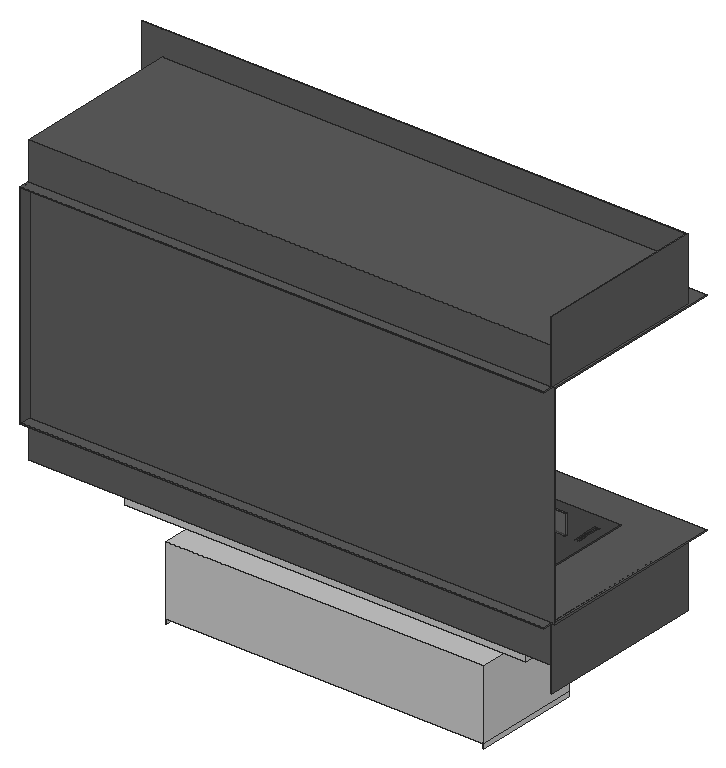
Revit family "1PLANIKA_FLA3_XL_CASING_FORMA_LEFT-CORNER", category Attrezzatura meccanica, host Muro, Revit 2017
Family settings
  Host = Muro
  Quota connettore circolare = Usa diametro
  Tipo di parte = Normale
  Sempre verticale = Sì
  Taglio con vuoti quando caricato = No
  Condiviso = No
  Punto di calcolo locali = Sì
Parameters (values of type "FLA3_XL_FORMA_1200_LEFT-CORNER")
  URL = "https://www.planikafires.com"
  TECHNICAL SHEET = "https://www.planikausa.com/indoor-ethanol-fireplaces/two-sided/"
  PRODUCT SHEET = "https://www.archiproducts.com/en/products/planika/bioethanol-fireplace-insert-fla-3-xl-in-casing-forma_431074"
  POWER SUPPLY = 230 V
  NET WEIGHT = 80.70 kg
  Modello = "FLA3 XL in FORMA LEFT-CORNER"
  Produttore = "PLANIKA"
  MINIMUM ROOM CUBATURE = 81 m³
  MAXIMUM HEAT OUTPUT = 8.1 kWh
  MAXIMUM BURN TIME = "10 hours"
  MATERIAL DESCRIPTION = "Steel, galvanized steel, toughened glass."
  LENGTH = 1320 mm
  HEIGHT = 710 mm
  FUEL TYPE = "Bioethanol 86 - 96,6%"
  FUEL TANK CAPACITY = 17.2 L
  FORMA LENGTH = 1260 mm
  FLAME HEIGHT REGULATION = "6 stages"
  FLA 3 LENGTH = 990 mm
  FINISHING MATERIAL = Black painted steel -  Planika
  ENVIRONMENTAL PERFORMANCE = "Maximum heat output: 8.1 kWh"
  Descrizione = "Planika’s FORMA fireboxes are truly designed with the user in mind, making them a perfect focal point in any setting, residential or commercial alike. The transparent glass on the left corner enables the flame to be viewed from the front and the left corner, maximising the undisturbed view of the flickering flames. Now, thanks to the zero clearance and self-contained construction, you can frame your fireplace into wood or metal studs."
  DEPTH = 450 mm
  CASING FINISH = Black powder coated steel - Planika
  BIM USER MANUAL = "https://img.edilportale.com/bim/Planika-manual-Planika-bim.pdf"
  BIM BADGE = "https://bim.archiproducts.com/en/badge/bim-archiproducts-featured_658700/about"
  BIM AUTHOR = "https://bim.archiproducts.com"
  APPLICATION = "For indoor use only"
  AIR CHANGE RATE = "1 space volume per hour"
Types (6, lengths in mm): name | NET WEIGHT | MINIMUM ROOM CUBATURE | MAXIMUM HEAT OUTPUT | LENGTH | FUEL TANK CAPACITY | FORMA LENGTH | FLA 3 LENGTH | ENVIRONMENTAL PERFORMANCE
  FLA3_XL_FORMA_1200_LEFT-CORNER | 80.70 kg | 81 m³ | 8.1 kWh | 1320 | 17.2 L | 1260 | 990 | "Maximum heat output: 8.1 kWh"
  FLA3_XL_FORMA_1000_LEFT-CORNER | 67.70 kg | 69 m³ | 6.9 kWh | 1120 | 13.4 L | 1057 | 790 | "Maximum heat output: 6.9 kWh"
  FLA3_XL_FORMA_1500_LEFT-CORNER | 97.60 kg | 113 m³ | 11.2 kWh | 1630 | 21.0 L | 1565 | 1190 | "Maximum heat output: 11.2 kWh"
  FLA3_XL_FORMA_1800_LEFT-CORNER | 114.90 kg | 150 m³ | 15 kWh | 1930 | 26.8 L | 1870 | 1490 | "Maximum heat output: 15 kWh"
  FLA3_XL_FORMA_2300_LEFT-CORNER | 159.80 kg | 212 m³ | 21.2 kWh | 2440 | 36.3 L | 2378 | 1990 | "Maximum heat output: 21.2 kWh"
  FLA3_XL_FORMA_2700_LEFT-CORNER | 233.40 kg | 275 m³ | 27.5 kWh | 2800 | 45.9 L | 2733 | 2490 | "Maximum heat output: 27.5 kWh"
Reference planes
  plane 1 "Wall": y = 0
  plane 2 "Center (Left/Right)": x = 125
  plane 3 "Back": y = 254
  plane 4: x = 755
  plane 5: x = -505
Forms (mm)
  Extrusion 1, void
    sketch origin (125, 0, 0) x (0, 1, 0) y (0, 0, 1)
      loop
        line (-202, 1898.739) -> (-202, 1390.739) -> (254, 1390.739) -> (254, 1898.739) -> (-202, 1898.739)
    from -630 to 630
Text (mm)
  text "Placement Side" at (-1848.837, 1116.779, 0), in view "Ref. Level"
  text "Placement side" at (0, 1409.804, 2854.306), in view "Left"
  text "Placement side" at (0, 499.811, 2980.732), in view "Right"
Dimensions and locks
  locked: plane 3 "Back" to host wall
  equal spacing: plane 4, plane 2 "Center (Left/Right)", plane 5
  "FORMA LENGTH": plane 4 to plane 5
  locked: nested 2 to plane 3 "Back" at 228.2
  aligned and locked: plane 1 "Wall" to host wall
  aligned and locked: nested 1 to plane 2 "Center (Left/Right)"
  aligned and locked: nested 2 to plane 2 "Center (Left/Right)"
  aligned and locked: nested 1 to plane 3 "Back"
  aligned and locked: Extrusion 1 sketch curve to host wall
  aligned and locked: Extrusion 1 to plane 5
  aligned and locked: plane 4 to Extrusion 1
  aligned and locked: nested 1 to Extrusion 1 sketch curve
Automatic sketch dimensions
  Extrusion 1 sketch curve to Extrusion 1 sketch curve = 508 mm
  level to Extrusion 1 sketch curve = 1390.739 mm
Nested families
  nested 1: "CASING_FORMA" at (125, 204, 1644.739) x (-1, 0, 0) z (0, 1, 0), Length <- "FORMA LENGTH", MATERIAL <- "CASING FINISH", type "CASING_FORMA"
    with MATERIAL Black powder coated steel - Planika, Length 1260 mm
  nested 2: "FLA_3_XL" at (125, 25.8, 993.239) x (-1, 0, 0) z (0, 0, 1), Length <- "FLA 3 LENGTH", Material <- "FINISHING MATERIAL", type "FLA_3_XL"
    with Material Black painted steel -  Planika, Length 990 mm
Connectors
  electrical at (77.672, -72.643, 1213.239), driven by "POWER SUPPLY"
    settings: on nested 2, index 1, voltage 230 V, apparent load 0 VA, apparent load phase1 0 VA, apparent load phase2 0 VA, apparent load phase3 0 VA, power factor 1, load classification "Power", number of poles 1, system type 31, power factor state 1, is connector primary yes, connector utility no, sub classification motor no, connector description ""
Definition of nested family "CASING_FORMA"
  Parameters (values of type "CASING_FORMA")
    Width = 406 mm
    Height = 688 mm
    Length [instance] = 1260 mm
    MATERIAL [instance] = none
    Default Elevation = 1219.2 mm
  Reference planes
    plane 1 "Center (Front/Back)": y = 0
    plane 2: z = 0
    plane 3 "Center (Left/Right)": x = 0
    plane 4: x = -630
    plane 5: x = 630
    plane 6: y = 344
    plane 7: y = -344
    plane 8: z = -406
  Forms (mm)
    Extrusion 1, solid, material <- "MATERIAL"
      sketch origin (0, 0, 0) x (1, 0, 0) y (0, 1, 0)
        loop
          line (-625, -254) -> (630, -254) -> (630, 254) -> (-625, 254) -> (-625, 251.5) -> (627.5, 251.5) -> (627.5, -251.5) -> (-625, -251.5) -> (-625, -254)
      from -431 to 50
    Extrusion 2, solid, material <- "MATERIAL", detail levels fine
      sketch origin (0, 0, 0) x (1, 0, 0) y (0, 1, 0)
        loop
          line (630, -254) -> (730, -254) -> (730, 254) -> (630, 254) -> (630, -254)
      from -2.5 to 0
    Extrusion 3, solid, material <- "MATERIAL"
      sketch origin (0, 0, 0) x (1, 0, 0) y (0, 1, 0)
        loop
          line (-625, 251.5) -> (-625, -251.5) -> (627.5, -251.5) -> (627.5, 251.5) -> (-625, 251.5)
      from -406 to -403.5
    Extrusion 4, solid, material <- "MATERIAL", detail levels fine
      sketch origin (0, 0, 0) x (1, 0, 0) y (0, 0, 1)
        loop
          line (-622.5, -406) -> (630, -406) -> (630, -2.5) -> (-622.5, -2.5) -> (-622.5, -406)
      from -344 to -254
    Extrusion 5, solid, material <- "MATERIAL", detail levels fine
      sketch origin (10, 0, 0) x (1, 0, 0) y (0, 0, 1)
        loop
          line (-632.5, -406) -> (620, -406) -> (620, -2.5) -> (-632.5, -2.5) -> (-632.5, -406)
      from 254 to 344
    Extrusion 6, solid, material <- "MATERIAL", detail levels fine
      sketch origin (0, 0, 0) x (1, 0, 0) y (0, 0, 1)
        loop
          line (-625, 0) -> (-625, -406) -> (-622.5, -406) -> (-622.5, -2.5) -> (680, -2.5) -> (680, 0) -> (-625, 0)
      from 254 to 404
    Extrusion 7, solid, material <- "MATERIAL", detail levels fine
      sketch origin (2000, 0, 0) x (1, 0, 0) y (0, 0, 1)
        loop
          line (-2625, 0) -> (-2625, -406) -> (-2622.5, -406) -> (-2622.5, -2.5) -> (-1320, -2.5) -> (-1320, 0) -> (-2625, 0)
      from -404 to -254
    Extrusion 8, solid, material <- "MATERIAL"
      sketch origin (0, 0, 0) x (0, 1, 0) y (0, 0, 1)
        loop
          line (254, 50) -> (251.5, 50) -> (251.5, -403.5) -> (-251.5, -403.5) -> (-251.5, 50) -> (-254, 50) -> (-254, -406) -> (254, -406) -> (254, 50)
      from -630 to -625
  Cuts and joins
    joined: Extrusion 1, Extrusion 3, Extrusion 8
  Dimensions and locks
    "Length": plane 4 to plane 5
    equal spacing: plane 4, plane 3 "Center (Left/Right)", plane 5
    equal spacing: plane 7, plane 1 "Center (Front/Back)", plane 6
    "Height": plane 7 to plane 6
    "Width": plane 2 to plane 8
    locked: Extrusion 1 sketch curve to Extrusion 1 sketch curve at 2.5  (x3)
    locked: plane 5 to Extrusion 2 sketch curve at 100
    locked: Extrusion 1 to plane 2 at 50
    locked: Extrusion 1 to plane 8 at 25
    locked: Extrusion 3 to plane 8 at 2.5
    locked: Extrusion 6 sketch curve to plane 4 at 5
    locked: Extrusion 6 sketch curve to Extrusion 6 sketch curve at 2.5
    locked: Extrusion 7 sketch curve to Extrusion 7 sketch curve at 2.5  (x2)
    Extrusion 6 to plane 7 to Extrusion 1 = 60 mm locked, 90 mm locked
    locked: Extrusion 7 sketch curve to plane 4 at 5
    locked: plane 5 to Extrusion 7 sketch curve at 50
    Extrusion 7 to plane 6 to Extrusion 7 = 90 mm locked, 60 mm locked
    locked: plane 4 to Extrusion 1 sketch curve at 5
    aligned and locked: level to plane 2
    aligned and locked: Extrusion 1 sketch curve to plane 5
    aligned and locked: plane 5 to Extrusion 2 sketch curve
    aligned and locked: plane 8 to Extrusion 3
    aligned and locked: Extrusion 4 sketch curve to plane 8
    aligned and locked: plane 5 to Extrusion 4 sketch curve
    aligned and locked: Extrusion 4 to plane 6
    aligned and locked: plane 7 to Extrusion 5
    aligned and locked: Extrusion 5 sketch curve to plane 8
    aligned and locked: plane 2 to Extrusion 2
    aligned and locked: plane 8 to Extrusion 6 sketch curve
    aligned and locked: Extrusion 6 sketch curve to plane 2
    aligned and locked: Extrusion 1 to Extrusion 6  (x2)
    aligned and locked: plane 8 to Extrusion 7 sketch curve
    aligned and locked: Extrusion 7 sketch curve to plane 2
    aligned and locked: Extrusion 4 to Extrusion 1
    aligned and locked: Extrusion 1 to Extrusion 3
    aligned and locked: Extrusion 4 sketch curve to Extrusion 6
    aligned and locked: Extrusion 5 to Extrusion 6
    aligned and locked: Extrusion 5 to plane 5
    aligned and locked: Extrusion 5 to Extrusion 1
    aligned and locked: Extrusion 7 to Extrusion 3
    aligned and locked: Extrusion 3 to Extrusion 1 sketch curve
    aligned and locked: Extrusion 8 sketch curve to Extrusion 7
    aligned and locked: Extrusion 8 sketch curve to Extrusion 1
    aligned and locked: Extrusion 8 sketch curve to Extrusion 3  (x2)
    aligned and locked: Extrusion 1 to Extrusion 8 sketch curve  (x2)
    aligned and locked: Extrusion 8 sketch curve to Extrusion 6
    aligned and locked: Extrusion 8 to Extrusion 3
    aligned and locked: Extrusion 8 to plane 4
  Automatic sketch dimensions
    plane 4 to Extrusion 3 sketch curve = 5 mm
    plane 4 to Extrusion 5 sketch curve = 7.5 mm
    Extrusion 6 sketch curve to level = 2.5 mm
    Extrusion 1 sketch curve to plane 7 = 92.5 mm
    Extrusion 2 sketch curve to plane 7 = 90 mm
    Extrusion 5 sketch curve to level = 2.5 mm
    Extrusion 6 sketch curve to plane 5 = 50 mm
    plane 5 to Extrusion 3 sketch curve = 2.5 mm
    Extrusion 3 sketch curve to plane 7 = 92.5 mm
    plane 6 to Extrusion 3 sketch curve = 92.5 mm
    plane 5 to Extrusion 5 sketch curve = 0 mm
    plane 6 to Extrusion 1 sketch curve = 92.5 mm
    plane 6 to Extrusion 2 sketch curve = 90 mm
    Extrusion 4 sketch curve to level = 2.5 mm
    level to Extrusion 8 sketch curve = 50 mm
Definition of nested family "FLA_3_XL"
  Parameters (values of type "FLA_3_XL")
    URL = ""
    Model = ""
    Material [instance] = none
    Manufacturer = ""
    Length [instance] = 990 mm
    Description = ""
    Default Elevation = 1219.2 mm
  Reference planes
    plane 1 "Center (Front/Back)": y = 0
    plane 2: z = 0
    plane 3 "Center (Left/Right)": x = 0
    plane 4: x = -495
    plane 5: x = 495
    plane 6: x = -400
    plane 7: x = 400
    plane 8: x = -447.5
    plane 9: x = 447.5
    plane 10 "Level 1": z = 0
    plane 11: z = 455.862
  Forms (mm)
    Extrusion 1, solid, material <- "Material", detail levels fine
      sketch origin (0, 0, 0) x (0, 1, 0) y (-1, 0, 0)
        loop
          line (-139.982, 495) -> (-139.982, -495) -> (139.98, -495) -> (139.98, 495) -> (-139.982, 495)
        loop
          line (-19.978, 400) -> (-19.978, -400) -> (23.031, -400) -> (23.031, 400) -> (-19.978, 400)
        loop
          line (-72.434, 475) -> (-101.434, 475) -> (-101.434, 470) -> (-72.434, 470) -> (-72.434, 475)
        loop
          line (-72.434, 468) -> (-101.434, 468) -> (-101.434, 463) -> (-72.434, 463) -> (-72.434, 468)
        loop
          line (-41.457, 475) -> (-70.457, 475) -> (-70.457, 470) -> (-41.457, 470) -> (-41.457, 475)
        loop
          line (-41.457, 468) -> (-70.457, 468) -> (-70.457, 463) -> (-41.457, 463) -> (-41.457, 468)
        loop
          line (-70.457, -475) -> (-41.457, -475) -> (-41.457, -470) -> (-70.457, -470) -> (-70.457, -475)
        loop
          line (-70.457, -468) -> (-41.457, -468) -> (-41.457, -463) -> (-70.457, -463) -> (-70.457, -468)
        loop
          line (-101.434, -475) -> (-72.434, -475) -> (-72.434, -470) -> (-101.434, -470) -> (-101.434, -475)
        loop
          line (-101.434, -468) -> (-72.434, -468) -> (-72.434, -463) -> (-101.434, -463) -> (-101.434, -468)
      from 400 to 403
    Extrusion 2, solid, detail levels fine
      sketch origin (0, 0, 0) x (0, 1, 0) y (-1, 0, 0)
        loop
          line (125.097, -480) -> (125.097, 480) -> (-125.1, 480) -> (-125.1, -480) -> (125.097, -480)
        loop
          line (-122.1, -477) -> (122.097, -477) -> (122.097, 477) -> (-122.1, 477) -> (-122.1, -477)
      from 220 to 400
    Extrusion 3, solid, detail levels fine
      sketch origin (-500, 1995.821, 1200) x (0, 1, 0) y (0, 0, 1)
        loop
          arc (-1972.79, -797) -> (-1977.026, -798.755) -> (-1978.781, -802.99) r 5.99
          line (-1978.781, -802.99) -> (-1978.781, -820.489) -> (-1976.085, -820.489) -> (-1976.085, -802.99)
          arc (-1976.085, -802.99) -> (-1975.12, -800.661) -> (-1972.79, -799.696) r 3.294
          line (-1972.79, -799.696) -> (-1972.79, -797)
        loop
          line (-2015.801, -797) -> (-2015.801, -799.696)
          arc (-2015.801, -799.696) -> (-2013.472, -800.661) -> (-2012.507, -802.99) r 3.294
          line (-2012.507, -802.99) -> (-2012.507, -820.489) -> (-2009.81, -820.489) -> (-2009.81, -802.99)
          arc (-2009.81, -802.99) -> (-2011.565, -798.755) -> (-2015.801, -797) r 5.99
      from 100 to 900
    Extrusion 4, solid, detail levels fine
      sketch origin (0, 0, 0) x (0, 1, 0) y (-1, 0, 0)
        loop
          line (122.097, 477) -> (-122.1, 477) -> (-122.1, -477) -> (122.097, -477) -> (122.097, 477)
      from 220 to 223
    Extrusion 5, solid, detail levels fine
      sketch origin (0, 0, 0) x (0, 1, 0) y (-1, 0, 0)
        loop
          circle (-36.96, 0) r 7.5
      from 403 to 422
    Extrusion 6, solid, detail levels fine
      sketch origin (0, 0, 0) x (0, 1, 0) y (-1, 0, 0)
        loop
          circle (-36.96, -250) r 7.5
      from 403 to 422
    Extrusion 7, solid, detail levels fine
      sketch origin (0, 0, 0) x (0, 1, 0) y (-1, 0, 0)
        loop
          circle (-36.96, 250) r 7.5
      from 403 to 422
    Extrusion 8, solid, detail levels fine
      sketch origin (-447.5, 1995.821, 1200) x (0, 1, 0) y (0, 0, 1)
        loop
          line (-2030.396, -744.138) -> (-2035.196, -744.138)
          arc (-2035.196, -744.138) -> (-2035.55, -744.284) -> (-2035.696, -744.638) r 0.5
          line (-2035.696, -744.638) -> (-2035.696, -793.638)
          arc (-2035.696, -793.638) -> (-2035.55, -793.991) -> (-2035.196, -794.138) r 0.5
          line (-2035.196, -794.138) -> (-2030.396, -794.138)
          arc (-2030.396, -794.138) -> (-2030.043, -793.991) -> (-2029.896, -793.638) r 0.5
          line (-2029.896, -793.638) -> (-2029.896, -744.638)
          arc (-2029.896, -744.638) -> (-2030.043, -744.284) -> (-2030.396, -744.138) r 0.5
      from 0 to 895
    Extrusion 9, solid, detail levels medium
      sketch origin (0, 0, 0) x (0, 1, 0) y (-1, 0, 0)
        loop
          line (-139.982, 495) -> (-139.982, -495) -> (139.98, -495) -> (139.98, 495) -> (-139.982, 495)
      from 0 to 400
    Extrusion 10, solid, detail levels fine
      sketch origin (-447.5, 1994.334, 1200) x (0, 1, 0) y (0, 0, 1)
        loop
          line (-1984.329, -792.199) -> (-1989.312, -792.199) -> (-1989.312, -795.189) -> (-1985.824, -795.189) -> (-1985.824, -802.166) -> (-2002.767, -802.166) -> (-2002.767, -795.189) -> (-1999.279, -795.189) -> (-1999.279, -792.199) -> (-2004.262, -792.199) -> (-2004.262, -822.1) -> (-1984.329, -822.1) -> (-1984.329, -792.199)
      from 47.5 to 847.5
    Extrusion 11, solid, detail levels fine
      sketch origin (0, 0, 0) x (0, 1, 0) y (-1, 0, 0)
        loop
          line (127, 381) -> (-127, 381) -> (-127, -381) -> (127, -381) -> (127, 381)
      from 10 to 176
    Extrusion 12, solid, detail levels fine
      sketch origin (96, 0, 0) x (1, 0, 0) y (0, 1, 0)
        loop
          line (-477, -127) -> (-474, -127) -> (-474, 127) -> (-477, 127) -> (-477, -127)
      from 0 to 10
    Extrusion 13, solid, detail levels fine
      sketch origin (-225, 0, 0) x (-1, 0, 0) y (0, -1, 0)
        loop
          line (-606, 127) -> (-606, -127) -> (-603, -127) -> (-603, 127) -> (-606, 127)
      from 0 to 10
    Extrusion 14, solid, detail levels fine
      sketch origin (0, 0, 0) x (1, 0, 0) y (0, 1, 0)
        loop
          line (32.328, 108.443) -> (32.328, 88.443) -> (62.328, 88.443) -> (62.328, 108.443) -> (32.328, 108.443)
      from 220 to 223
  Lines and regions (mm)
    model lines, detail levels coarse+medium
      curve 1: line (-495, -139.982, 0) -> (495, -139.982, 0)
      curve 2: line (-495, 139.98, 0) -> (-495, -139.982, 0)
      curve 3: line (495, 139.98, 0) -> (-495, 139.98, 0)
      curve 4: line (495, -139.982, 0) -> (495, 139.98, 0)
    model lines, detail levels medium
      curve 5: line (-400, -19.978, 0) -> (400, -19.978, 0)
      curve 6: line (-400, 23.031, 0) -> (-400, -19.978, 0)
      curve 7: line (400, 23.031, 0) -> (-400, 23.031, 0)
      curve 8: line (400, -19.978, 0) -> (400, 23.031, 0)
      curve 9: line (-447.5, -39.875, 0) -> (447.5, -39.875, 0)
      curve 10: line (-447.5, -34.075, 0) -> (-447.5, -39.875, 0)
      curve 11: line (447.5, -34.075, 0) -> (-447.5, -34.075, 0)
      curve 12: line (447.5, -39.875, 0) -> (447.5, -34.075, 0)
  Dimensions and locks
    equal spacing: plane 4, plane 3 "Center (Left/Right)", plane 5
    "Length": plane 4 to plane 5
    locked: plane 4 to plane 6 at 95
    locked: plane 7 to plane 5 at 95
    equal spacing: plane 4, plane 8, plane 6
    equal spacing: plane 7, plane 9, plane 5
    Extrusion 10 sketch curve to Extrusion 10 sketch curve to Extrusion 10 sketch curve to Extrusion 10 sketch curve = 19.934 mm locked, 6.977 mm locked, 2.99 mm locked
    locked: plane 10 "Level 1" to Extrusion 10 sketch curve at 377.9
    Extrusion 3 sketch curve to Extrusion 3 sketch curve to Extrusion 3 sketch curve to plane 10 "Level 1" = 2.696 mm locked, 20.792 mm locked, 379.511 mm locked
    plane 10 "Level 1" to Extrusion 8 sketch curve to Extrusion 8 sketch curve = 405.862 mm locked, 50 mm locked
    locked: Extrusion 14 to Extrusion 14 at 3
    locked: plane 11 to plane 2 at 455.862
    Extrusion 11 to plane 3 "Center (Left/Right)" to Extrusion 11 = 381 mm locked, 381 mm locked
    locked: Extrusion 12 sketch curve to Extrusion 12 sketch curve at 3
    locked: Extrusion 13 sketch curve to Extrusion 13 sketch curve at 3
    aligned and locked: level to plane 2
    aligned and locked: Extrusion 1 sketch curve to plane 4
    aligned and locked: plane 5 to Extrusion 1 sketch curve
    aligned and locked: Extrusion 3 to plane 6
    aligned and locked: plane 7 to Extrusion 3
    aligned and locked: Extrusion 8 to plane 8
    aligned and locked: plane 9 to Extrusion 8
    aligned and locked: Extrusion 9 sketch curve to Extrusion 1  (x2)
    aligned and locked: curve 2 to Extrusion 1
    aligned and locked: curve 4 to Extrusion 1
    aligned and locked: curve 6 to Extrusion 1
    aligned and locked: curve 10 to Extrusion 8
    aligned and locked: curve 12 to Extrusion 8
    aligned and locked: Extrusion 10 to Extrusion 1  (x2)
    aligned and locked: Extrusion 1 sketch curve to plane 7
    aligned and locked: Extrusion 2 to Extrusion 14
    aligned and locked: plane 4 to nested 1
    aligned and locked: nested 1 to Extrusion 1  (x2)
    aligned and locked: nested 2 to plane 11
    aligned and locked: nested 2 to plane 2
    aligned and locked: plane 4 to nested 2
    aligned and locked: plane 5 to nested 2
    aligned and locked: nested 3 to plane 11
    aligned and locked: nested 3 to plane 2
    aligned and locked: nested 3 to Extrusion 9  (x2)
    aligned and locked: Extrusion 12 to Extrusion 11
    aligned and locked: Extrusion 13 to Extrusion 11
  Automatic sketch dimensions
    curve 7 to plane 7 = 0 mm
    plane 1 "Center (Front/Back)" to curve 1 = 139.982 mm
    plane 1 "Center (Front/Back)" to curve 9 = 39.875 mm
    curve 9 to curve 11 = 5.8 mm
    plane 1 "Center (Front/Back)" to curve 6 = 19.978 mm
    curve 8 to plane 1 "Center (Front/Back)" = 23.031 mm
    curve 3 to plane 1 "Center (Front/Back)" = 139.98 mm
    Extrusion 1 sketch curve to plane 6 = 0 mm
    plane 1 "Center (Front/Back)" to Extrusion 1 sketch curve = 139.982 mm
    Extrusion 1 sketch curve to plane 5 = 20 mm  (x2)
    Extrusion 1 sketch curve to Extrusion 1 sketch curve = 38.548 mm  (x2)
    Extrusion 1 sketch curve to Extrusion 1 sketch curve = 0 mm  (x10)
    Extrusion 1 sketch curve to plane 8 = 15.5 mm
    Extrusion 1 sketch curve to Extrusion 1 sketch curve = 29 mm  (x4)
    Extrusion 1 sketch curve to Extrusion 1 sketch curve = 1.977 mm  (x4)
    plane 1 "Center (Front/Back)" to Extrusion 1 sketch curve = 19.978 mm
    Extrusion 1 sketch curve to plane 1 "Center (Front/Back)" = 23.031 mm
    Extrusion 1 sketch curve to plane 1 "Center (Front/Back)" = 139.98 mm
    Extrusion 1 sketch curve to Extrusion 1 sketch curve = 5 mm  (x7)
    Extrusion 1 sketch curve to Extrusion 1 sketch curve = 2 mm  (x2)
    plane 4 to Extrusion 2 sketch curve = 15 mm
    plane 1 "Center (Front/Back)" to Extrusion 2 sketch curve = 125.1 mm
    Extrusion 2 sketch curve to Extrusion 2 sketch curve = 3 mm  (x4)
    Extrusion 2 sketch curve to plane 5 = 18 mm
    Extrusion 2 sketch curve to plane 1 "Center (Front/Back)" = 122.097 mm
    Extrusion 3 sketch curve to Extrusion 3 sketch curve = 0 mm  (x3)
    plane 1 "Center (Front/Back)" to Extrusion 3 sketch curve = 19.98 mm
    plane 1 "Center (Front/Back)" to Extrusion 3 sketch curve = 16.685 mm
    Extrusion 3 sketch curve to plane 1 "Center (Front/Back)" = 17.041 mm
    Extrusion 3 sketch curve to Extrusion 3 sketch curve = 2.696 mm
    Extrusion 3 sketch curve to Extrusion 3 sketch curve = 3.294 mm
    Extrusion 3 sketch curve to Extrusion 3 sketch curve = 17.498 mm
    plane 4 to Extrusion 4 sketch curve = 18 mm
    plane 1 "Center (Front/Back)" to Extrusion 4 sketch curve = 122.1 mm
    Extrusion 4 sketch curve to plane 1 "Center (Front/Back)" = 122.097 mm
    Extrusion 4 sketch curve to plane 5 = 18 mm
    Extrusion 5 sketch curve to plane 3 "Center (Left/Right)" = 0 mm
    plane 1 "Center (Front/Back)" to Extrusion 5 sketch curve = 36.96 mm
    plane 1 "Center (Front/Back)" to Extrusion 6 sketch curve = 36.96 mm
    Extrusion 6 sketch curve to plane 7 = 150 mm
    plane 1 "Center (Front/Back)" to Extrusion 7 sketch curve = 36.96 mm
    plane 6 to Extrusion 7 sketch curve = 150 mm
    plane 1 "Center (Front/Back)" to Extrusion 8 sketch curve = 39.875 mm
    Extrusion 8 sketch curve to Extrusion 8 sketch curve = 0.5 mm  (x3)
    Extrusion 8 sketch curve to Extrusion 8 sketch curve = 4.8 mm  (x2)
    plane 1 "Center (Front/Back)" to Extrusion 9 sketch curve = 139.982 mm
    Extrusion 9 sketch curve to plane 1 "Center (Front/Back)" = 139.98 mm
    plane 1 "Center (Front/Back)" to Extrusion 10 sketch curve = 9.928 mm
    plane 1 "Center (Front/Back)" to Extrusion 10 sketch curve = 8.433 mm
    Extrusion 10 sketch curve to Extrusion 10 sketch curve = 3.488 mm  (x2)
    Extrusion 10 sketch curve to plane 1 "Center (Front/Back)" = 5.022 mm
    Extrusion 10 sketch curve to Extrusion 10 sketch curve = 1.495 mm
    Extrusion 10 sketch curve to Extrusion 10 sketch curve = 6.977 mm
    Extrusion 10 sketch curve to Extrusion 10 sketch curve = 2.99 mm
    plane 6 to Extrusion 11 sketch curve = 19 mm
    plane 1 "Center (Front/Back)" to Extrusion 11 sketch curve = 127 mm
    Extrusion 11 sketch curve to plane 1 "Center (Front/Back)" = 127 mm
    Extrusion 11 sketch curve to plane 7 = 19 mm
    plane 6 to Extrusion 12 sketch curve = 19 mm
    plane 1 "Center (Front/Back)" to Extrusion 12 sketch curve = 127 mm
    Extrusion 12 sketch curve to plane 1 "Center (Front/Back)" = 127 mm
    plane 7 to Extrusion 13 sketch curve = 19 mm
    Extrusion 13 sketch curve to plane 1 "Center (Front/Back)" = 127 mm
    plane 1 "Center (Front/Back)" to Extrusion 13 sketch curve = 127 mm
    plane 3 "Center (Left/Right)" to Extrusion 14 sketch curve = 32.328 mm
    Extrusion 14 sketch curve to Extrusion 14 sketch curve = 30 mm
    Extrusion 14 sketch curve to plane 1 "Center (Front/Back)" = 88.443 mm
    Extrusion 14 sketch curve to Extrusion 14 sketch curve = 20 mm
    radius of Extrusion 5 sketch curve = 7.5 mm
    radius of Extrusion 6 sketch curve = 7.5 mm
    radius of Extrusion 7 sketch curve = 7.5 mm
  Nested families
    nested 1: "FIREPLACE_SYMBOL_detail item" at (175, -0.001, 0), type "FIREPLACE_SYMBOL_detail item", detail levels coarse
      with WIDTH 1340 mm, HEIGHT 279.962 mm
    nested 2: "FIREPLACE_SYMBOL_detail item" at (0, 0, 227.931) x (1, 0, 0) z (0, -1, 0), type "FIREPLACE_SYMBOL_detail item", detail levels coarse
      with WIDTH 990 mm, HEIGHT 455.862 mm
    nested 3: "FIREPLACE_SYMBOL_detail item" at (0, -0.001, 227.931) x (0, 1, 0) z (1, 0, 0), type "FIREPLACE_SYMBOL_detail item", detail levels coarse
      with WIDTH 279.962 mm, HEIGHT 455.862 mm
  Connectors
    electrical at (47.328, 98.443, 220)
      settings: on Extrusion 14, index 1, voltage 230 V, apparent load 0 VA, apparent load phase1 0 VA, apparent load phase2 0 VA, apparent load phase3 0 VA, power factor 1, load classification none, number of poles 1, system type 31, power factor state 1, is connector primary yes, connector utility no, sub classification motor no, connector description ""
  Definition of nested family "FIREPLACE_SYMBOL_detail item"
    Parameters (values of type "FIREPLACE_SYMBOL_detail item")
      WIDTH [instance] = 500 mm
      HEIGHT [instance] = 500 mm
    Reference planes
      plane 1 "Center (Front/Back)": y = 0
      plane 2: z = 0
      plane 3 "Center (Left/Right)": x = 0
      plane 4: x = 250
      plane 5: x = -250
      plane 6: y = 250
      plane 7: y = -250
    Lines and regions (mm)
      Filled region 1, type "Concrete", in view "Ref. Level"
        outline origin (-246.617, 90, 0) x (1, 0, 0) y (0, 1, 0)
          loop
            line (-3.383, -340) -> (496.617, -340) -> (496.617, 160) -> (-3.383, -340)
      detail lines, in view "Ref. Level"
        curve 1: line (-250, 250, 0) -> (250, 250, 0)
        curve 2: line (-250, -250, 0) -> (-250, 250, 0)
        curve 3: line (250, -250, 0) -> (-250, -250, 0)
        curve 4: line (250, 250, 0) -> (250, -250, 0)
    Dimensions and locks
      equal spacing: plane 5, plane 3 "Center (Left/Right)", plane 4
      equal spacing: plane 7, plane 1 "Center (Front/Back)", plane 6
      "WIDTH": plane 5 to plane 4
      "HEIGHT": plane 7 to plane 6
      aligned and locked: plane 6 to curve 1
      aligned and locked: plane 5 to curve 2
      aligned and locked: curve 3 to plane 7
      aligned and locked: curve 4 to plane 4
      aligned and locked: plane 6 to Filled region 1 sketch curve
      aligned and locked: plane 5 to Filled region 1 sketch curve
      aligned and locked: Filled region 1 sketch curve to plane 4
      aligned and locked: plane 7 to Filled region 1 sketch curve
